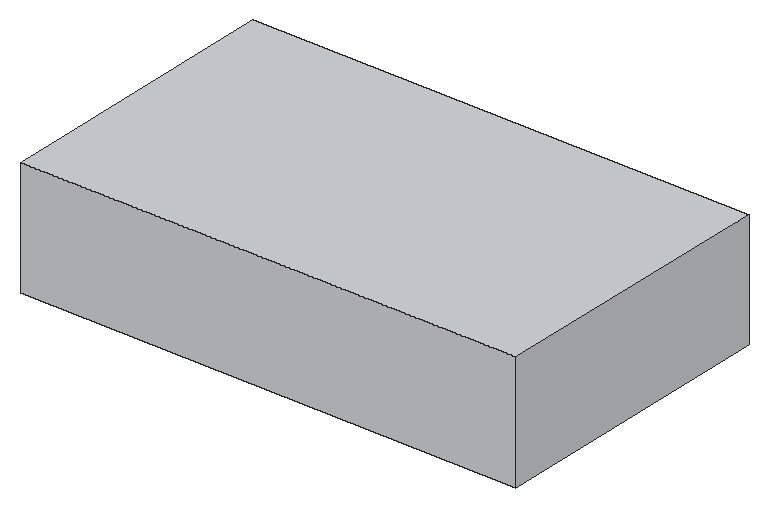
Revit family "Familia_teste_bloco_retangular", category Modelos genéricos, Revit 2024
Family settings
  Pode hospedar o vergalhão = Não
  Cota do conector redondo = Utilizar diâmetro
  Tipo de parte = Normal
  Com base no plano de trabalho = Não
  Sempre na vertical = Sim
  Corte com vazios quando carregada = Não
  Manter orientação da anotação = Não
  Compartilhado = Não
  Ponto de cálculo do ambiente = Não
Parameters
  Elevação padrão = 0 mm
Reference planes
  plane 1 "Center (Front/Back)": y = 0
  plane 2: z = 0
  plane 3 "Center (Left/Right)": x = 0
Forms (mm)
  Extrusion 1, solid
    sketch origin (0, 0, 0) x (1, 0, 0) y (0, 1, 0)
      loop
        line (-571.815, 619.526) -> (-571.815, 0) -> (486.558, 0) -> (486.558, 619.526) -> (-571.815, 619.526)
    from 0 to 250
Lines and regions (mm)
  model lines
    curve 1: line (-42.628, 0, 0) -> (777.372, 0, 0)
Dimensions and locks
  aligned and locked: level to plane 2
